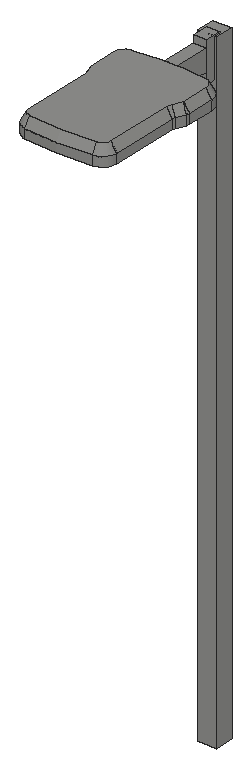
Revit family "VP-4-ASQU", category Lighting Fixtures, host Face, Revit 2019 (continued)
Definition of nested family "SIZE4_A_"
  Forms (in)
    Extrusion 49, solid, material <- "Glass"
      sketch origin (-5, 0, -5.875) x (-1, 0, 0) y (0, 0, -1)
        loop
          arc (-7.41655, -32.5909) -> (-7.34333, -32.76768) -> (-7.16655, -32.8409) r 0.25
      from 1.35 to 1.37213
    Extrusion 50, solid, material <- "Glass"
      sketch origin (0.375, 0, -11.375) x (1, 0, 0) y (0, 0, 1)
        loop
          circle (-7.47829, 32.33694) r 0.15
        loop
          circle (-6.95955, 32.33694) r 0.15
        loop
          circle (-6.4408, 32.33694) r 0.15
        loop
          circle (-5.92205, 32.33694) r 0.15
        loop
          circle (-5.4033, 32.33694) r 0.15
        loop
          circle (-4.88455, 32.33694) r 0.15
        loop
          circle (-4.3658, 32.33694) r 0.15
        loop
          circle (-3.84705, 32.33694) r 0.15
        loop
          circle (-3.32831, 32.33694) r 0.15
        loop
          circle (-7.47829, 31.83694) r 0.15
        loop
          circle (-6.95955, 31.83694) r 0.15
        loop
          circle (-6.4408, 31.83694) r 0.15
        loop
          circle (-5.92205, 31.83694) r 0.15
        loop
          circle (-5.4033, 31.83694) r 0.15
        loop
          circle (-4.88455, 31.83694) r 0.15
        loop
          circle (-4.3658, 31.83694) r 0.15
        loop
          circle (-3.84705, 31.83694) r 0.15
        loop
          circle (-3.32831, 31.83694) r 0.15
        loop
          circle (-7.47829, 31.33694) r 0.15
        loop
          circle (-6.95955, 31.33694) r 0.15
        loop
          circle (-6.4408, 31.33694) r 0.15
        loop
          circle (-5.92205, 31.33694) r 0.15
        loop
          circle (-5.4033, 31.33694) r 0.15
        loop
          circle (-4.88455, 31.33694) r 0.15
        loop
          circle (-4.3658, 31.33694) r 0.15
        loop
          circle (-3.84705, 31.33694) r 0.15
        loop
          circle (-3.32831, 31.33694) r 0.15
        loop
          circle (-7.47829, 30.83694) r 0.15
        loop
          circle (-6.95955, 30.83694) r 0.15
        loop
          circle (-6.4408, 30.83694) r 0.15
        loop
          circle (-5.92205, 30.83694) r 0.15
        loop
          circle (-5.4033, 30.83694) r 0.15
        loop
          circle (-4.88455, 30.83694) r 0.15
        loop
          circle (-4.3658, 30.83694) r 0.15
        loop
          circle (-3.84705, 30.83694) r 0.15
        loop
          circle (-3.32831, 30.83694) r 0.15
        loop
          circle (-7.47829, 30.33694) r 0.15
        loop
          circle (-6.95955, 30.33694) r 0.15
        loop
          circle (-6.4408, 30.33694) r 0.15
        loop
          circle (-5.92205, 30.33694) r 0.15
        loop
          circle (-5.4033, 30.33694) r 0.15
        loop
          circle (-4.88455, 30.33694) r 0.15
        loop
          circle (-4.3658, 30.33694) r 0.15
        loop
          circle (-3.84705, 30.33694) r 0.15
        loop
          circle (-3.32831, 30.33694) r 0.15
        loop
          circle (-7.47829, 29.83694) r 0.15
        loop
          circle (-6.95955, 29.83694) r 0.15
        loop
          circle (-6.4408, 29.83694) r 0.15
        loop
          circle (-5.92205, 29.83694) r 0.15
        loop
          circle (-5.4033, 29.83694) r 0.15
        loop
          circle (-4.88455, 29.83694) r 0.15
        loop
          circle (-4.3658, 29.83694) r 0.15
        loop
          circle (-3.84705, 29.83694) r 0.15
        loop
          circle (-3.32831, 29.83694) r 0.15
        loop
          circle (-7.47829, 29.33694) r 0.15
        loop
          circle (-6.95955, 29.33694) r 0.15
        loop
          circle (-6.4408, 29.33694) r 0.15
        loop
          circle (-5.92205, 29.33694) r 0.15
        loop
          circle (-5.4033, 29.33694) r 0.15
        loop
          circle (-4.88455, 29.33694) r 0.15
        loop
          circle (-4.3658, 29.33694) r 0.15
        loop
          circle (-3.84705, 29.33694) r 0.15
        loop
          circle (-3.32831, 29.33694) r 0.15
        loop
          circle (-7.47829, 28.83694) r 0.15
        loop
          circle (-6.95955, 28.83694) r 0.15
        loop
          circle (-6.4408, 28.83694) r 0.15
        loop
          circle (-5.92205, 28.83694) r 0.15
        loop
          circle (-5.4033, 28.83694) r 0.15
        loop
          circle (-4.88455, 28.83694) r 0.15
        loop
          circle (-4.3658, 28.83694) r 0.15
        loop
          circle (-3.84705, 28.83694) r 0.15
        loop
          circle (-3.32831, 28.83694) r 0.15
        loop
          circle (-7.47829, 28.33694) r 0.15
        loop
          circle (-6.95955, 28.33694) r 0.15
        loop
          circle (-6.4408, 28.33694) r 0.15
        loop
          circle (-5.92205, 28.33694) r 0.15
        loop
          circle (-5.4033, 28.33694) r 0.15
        loop
          circle (-4.88455, 28.33694) r 0.15
        loop
          circle (-4.3658, 28.33694) r 0.15
        loop
          circle (-3.84705, 28.33694) r 0.15
        loop
          circle (-3.32831, 28.33694) r 0.15
      from 1.35 to 1.4
    Extrusion 51, solid, material <- "Glass"
      sketch origin (0, 0, -11.375) x (1, 0, 0) y (0, 0, 1)
        loop
          arc (-7.16655, 32.8409) -> (-7.34333, 32.76768) -> (-7.41655, 32.5909) r 0.25
          line (-7.41655, 32.5909) -> (-7.41655, 28.0909)
          arc (-7.41655, 28.0909) -> (-7.34333, 27.91412) -> (-7.16655, 27.8409) r 0.25
          line (-7.16655, 27.8409) -> (-2.81123, 27.8409)
          arc (-2.81123, 27.8409) -> (-2.63446, 27.91412) -> (-2.56123, 28.0909) r 0.25
          line (-2.56123, 28.0909) -> (-2.56123, 32.5909)
          arc (-2.56123, 32.5909) -> (-2.63446, 32.76768) -> (-2.81123, 32.8409) r 0.25
          line (-2.81123, 32.8409) -> (-7.16655, 32.8409)
      from 1.35 to 1.37213
    Extrusion 52, solid, material <- "Glass"
      sketch origin (-0.375, 0, -11.375) x (-1, 0, 0) y (0, 0, -1)
        loop
          circle (-7.47829, -32.33694) r 0.15
        loop
          circle (-6.95955, -32.33694) r 0.15
        loop
          circle (-6.4408, -32.33694) r 0.15
        loop
          circle (-5.92205, -32.33694) r 0.15
        loop
          circle (-5.4033, -32.33694) r 0.15
        loop
          circle (-4.88455, -32.33694) r 0.15
        loop
          circle (-4.3658, -32.33694) r 0.15
        loop
          circle (-3.84705, -32.33694) r 0.15
        loop
          circle (-3.32831, -32.33694) r 0.15
        loop
          circle (-7.47829, -31.83694) r 0.15
        loop
          circle (-6.95955, -31.83694) r 0.15
        loop
          circle (-6.4408, -31.83694) r 0.15
        loop
          circle (-5.92205, -31.83694) r 0.15
        loop
          circle (-5.4033, -31.83694) r 0.15
        loop
          circle (-4.88455, -31.83694) r 0.15
        loop
          circle (-4.3658, -31.83694) r 0.15
        loop
          circle (-3.84705, -31.83694) r 0.15
        loop
          circle (-3.32831, -31.83694) r 0.15
        loop
          circle (-7.47829, -31.33694) r 0.15
        loop
          circle (-6.95955, -31.33694) r 0.15
        loop
          circle (-6.4408, -31.33694) r 0.15
        loop
          circle (-5.92205, -31.33694) r 0.15
        loop
          circle (-5.4033, -31.33694) r 0.15
        loop
          circle (-4.88455, -31.33694) r 0.15
        loop
          circle (-4.3658, -31.33694) r 0.15
        loop
          circle (-3.84705, -31.33694) r 0.15
        loop
          circle (-3.32831, -31.33694) r 0.15
        loop
          circle (-7.47829, -30.83694) r 0.15
        loop
          circle (-6.95955, -30.83694) r 0.15
        loop
          circle (-6.4408, -30.83694) r 0.15
        loop
          circle (-5.92205, -30.83694) r 0.15
        loop
          circle (-5.4033, -30.83694) r 0.15
        loop
          circle (-4.88455, -30.83694) r 0.15
        loop
          circle (-4.3658, -30.83694) r 0.15
        loop
          circle (-3.84705, -30.83694) r 0.15
        loop
          circle (-3.32831, -30.83694) r 0.15
        loop
          circle (-7.47829, -30.33694) r 0.15
        loop
          circle (-6.95955, -30.33694) r 0.15
        loop
          circle (-6.4408, -30.33694) r 0.15
        loop
          circle (-5.92205, -30.33694) r 0.15
        loop
          circle (-5.4033, -30.33694) r 0.15
        loop
          circle (-4.88455, -30.33694) r 0.15
        loop
          circle (-4.3658, -30.33694) r 0.15
        loop
          circle (-3.84705, -30.33694) r 0.15
        loop
          circle (-3.32831, -30.33694) r 0.15
        loop
          circle (-7.47829, -29.83694) r 0.15
        loop
          circle (-6.95955, -29.83694) r 0.15
        loop
          circle (-6.4408, -29.83694) r 0.15
        loop
          circle (-5.92205, -29.83694) r 0.15
        loop
          circle (-5.4033, -29.83694) r 0.15
        loop
          circle (-4.88455, -29.83694) r 0.15
        loop
          circle (-4.3658, -29.83694) r 0.15
        loop
          circle (-3.84705, -29.83694) r 0.15
        loop
          circle (-3.32831, -29.83694) r 0.15
        loop
          circle (-7.47829, -29.33694) r 0.15
        loop
          circle (-6.95955, -29.33694) r 0.15
        loop
          circle (-6.4408, -29.33694) r 0.15
        loop
          circle (-5.92205, -29.33694) r 0.15
        loop
          circle (-5.4033, -29.33694) r 0.15
        loop
          circle (-4.88455, -29.33694) r 0.15
        loop
          circle (-4.3658, -29.33694) r 0.15
        loop
          circle (-3.84705, -29.33694) r 0.15
        loop
          circle (-3.32831, -29.33694) r 0.15
        loop
          circle (-7.47829, -28.83694) r 0.15
        loop
          circle (-6.95955, -28.83694) r 0.15
        loop
          circle (-6.4408, -28.83694) r 0.15
        loop
          circle (-5.92205, -28.83694) r 0.15
        loop
          circle (-5.4033, -28.83694) r 0.15
        loop
          circle (-4.88455, -28.83694) r 0.15
        loop
          circle (-4.3658, -28.83694) r 0.15
        loop
          circle (-3.84705, -28.83694) r 0.15
        loop
          circle (-3.32831, -28.83694) r 0.15
        loop
          circle (-7.47829, -28.33694) r 0.15
        loop
          circle (-6.95955, -28.33694) r 0.15
        loop
          circle (-6.4408, -28.33694) r 0.15
        loop
          circle (-5.92205, -28.33694) r 0.15
        loop
          circle (-5.4033, -28.33694) r 0.15
        loop
          circle (-4.88455, -28.33694) r 0.15
        loop
          circle (-4.3658, -28.33694) r 0.15
        loop
          circle (-3.84705, -28.33694) r 0.15
        loop
          circle (-3.32831, -28.33694) r 0.15
      from 1.35 to 1.4
    Extrusion 53, solid, material <- "Glass"
      sketch origin (0, 0, -11.375) x (-1, 0, 0) y (0, 0, -1)
        loop
          line (-7.16655, -32.8409) -> (-2.84181, -32.8409)
          arc (-2.84181, -32.8409) -> (-2.66504, -32.76768) -> (-2.59181, -32.5909) r 0.25
          line (-2.59181, -32.5909) -> (-2.59181, -28.0909)
          arc (-2.59181, -28.0909) -> (-2.66504, -27.91412) -> (-2.84181, -27.8409) r 0.25
          line (-2.84181, -27.8409) -> (-7.16655, -27.8409)
          arc (-7.16655, -27.8409) -> (-7.34333, -27.91412) -> (-7.41655, -28.0909) r 0.25
          line (-7.41655, -28.0909) -> (-7.41655, -32.5909)
          arc (-7.41655, -32.5909) -> (-7.34333, -32.76768) -> (-7.16655, -32.8409) r 0.25
      from 1.35 to 1.37213
    Extrusion 54, solid, material <- "Glass"
      sketch origin (-5.375, 0, -11.375) x (-1, 0, 0) y (0, 0, -1)
        loop
          circle (-7.47829, -32.33694) r 0.15
        loop
          circle (-6.95955, -32.33694) r 0.15
        loop
          circle (-6.4408, -32.33694) r 0.15
        loop
          circle (-5.92205, -32.33694) r 0.15
        loop
          circle (-5.4033, -32.33694) r 0.15
        loop
          circle (-4.88455, -32.33694) r 0.15
        loop
          circle (-4.3658, -32.33694) r 0.15
        loop
          circle (-3.84705, -32.33694) r 0.15
        loop
          circle (-3.32831, -32.33694) r 0.15
        loop
          circle (-7.47829, -31.83694) r 0.15
        loop
          circle (-6.95955, -31.83694) r 0.15
        loop
          circle (-6.4408, -31.83694) r 0.15
        loop
          circle (-5.92205, -31.83694) r 0.15
        loop
          circle (-5.4033, -31.83694) r 0.15
        loop
          circle (-4.88455, -31.83694) r 0.15
        loop
          circle (-4.3658, -31.83694) r 0.15
        loop
          circle (-3.84705, -31.83694) r 0.15
        loop
          circle (-3.32831, -31.83694) r 0.15
        loop
          circle (-7.47829, -31.33694) r 0.15
        loop
          circle (-6.95955, -31.33694) r 0.15
        loop
          circle (-6.4408, -31.33694) r 0.15
        loop
          circle (-5.92205, -31.33694) r 0.15
        loop
          circle (-5.4033, -31.33694) r 0.15
        loop
          circle (-4.88455, -31.33694) r 0.15
        loop
          circle (-4.3658, -31.33694) r 0.15
        loop
          circle (-3.84705, -31.33694) r 0.15
        loop
          circle (-3.32831, -31.33694) r 0.15
        loop
          circle (-7.47829, -30.83694) r 0.15
        loop
          circle (-6.95955, -30.83694) r 0.15
        loop
          circle (-6.4408, -30.83694) r 0.15
        loop
          circle (-5.92205, -30.83694) r 0.15
        loop
          circle (-5.4033, -30.83694) r 0.15
        loop
          circle (-4.88455, -30.83694) r 0.15
        loop
          circle (-4.3658, -30.83694) r 0.15
        loop
          circle (-3.84705, -30.83694) r 0.15
        loop
          circle (-3.32831, -30.83694) r 0.15
        loop
          circle (-7.47829, -30.33694) r 0.15
        loop
          circle (-6.95955, -30.33694) r 0.15
        loop
          circle (-6.4408, -30.33694) r 0.15
        loop
          circle (-5.92205, -30.33694) r 0.15
        loop
          circle (-5.4033, -30.33694) r 0.15
        loop
          circle (-4.88455, -30.33694) r 0.15
        loop
          circle (-4.3658, -30.33694) r 0.15
        loop
          circle (-3.84705, -30.33694) r 0.15
        loop
          circle (-3.32831, -30.33694) r 0.15
        loop
          circle (-7.47829, -29.83694) r 0.15
        loop
          circle (-6.95955, -29.83694) r 0.15
        loop
          circle (-6.4408, -29.83694) r 0.15
        loop
          circle (-5.92205, -29.83694) r 0.15
        loop
          circle (-5.4033, -29.83694) r 0.15
        loop
          circle (-4.88455, -29.83694) r 0.15
        loop
          circle (-4.3658, -29.83694) r 0.15
        loop
          circle (-3.84705, -29.83694) r 0.15
        loop
          circle (-3.32831, -29.83694) r 0.15
        loop
          circle (-7.47829, -29.33694) r 0.15
        loop
          circle (-6.95955, -29.33694) r 0.15
        loop
          circle (-6.4408, -29.33694) r 0.15
        loop
          circle (-5.92205, -29.33694) r 0.15
        loop
          circle (-5.4033, -29.33694) r 0.15
        loop
          circle (-4.88455, -29.33694) r 0.15
        loop
          circle (-4.3658, -29.33694) r 0.15
        loop
          circle (-3.84705, -29.33694) r 0.15
        loop
          circle (-3.32831, -29.33694) r 0.15
        loop
          circle (-7.47829, -28.83694) r 0.15
        loop
          circle (-6.95955, -28.83694) r 0.15
        loop
          circle (-6.4408, -28.83694) r 0.15
        loop
          circle (-5.92205, -28.83694) r 0.15
        loop
          circle (-5.4033, -28.83694) r 0.15
        loop
          circle (-4.88455, -28.83694) r 0.15
        loop
          circle (-4.3658, -28.83694) r 0.15
        loop
          circle (-3.84705, -28.83694) r 0.15
        loop
          circle (-3.32831, -28.83694) r 0.15
        loop
          circle (-7.47829, -28.33694) r 0.15
        loop
          circle (-6.95955, -28.33694) r 0.15
        loop
          circle (-6.4408, -28.33694) r 0.15
        loop
          circle (-5.92205, -28.33694) r 0.15
        loop
          circle (-5.4033, -28.33694) r 0.15
        loop
          circle (-4.88455, -28.33694) r 0.15
        loop
          circle (-4.3658, -28.33694) r 0.15
        loop
          circle (-3.84705, -28.33694) r 0.15
        loop
          circle (-3.32831, -28.33694) r 0.15
      from 1.35 to 1.4
    Extrusion 55, solid, material <- "Glass"
      sketch origin (-5, 0, -11.375) x (-1, 0, 0) y (0, 0, -1)
        loop
          line (-7.16655, -32.8409) -> (-2.84181, -32.8409)
          arc (-2.84181, -32.8409) -> (-2.66504, -32.76768) -> (-2.59181, -32.5909) r 0.25
          line (-2.59181, -32.5909) -> (-2.59181, -28.0909)
          arc (-2.59181, -28.0909) -> (-2.66504, -27.91412) -> (-2.84181, -27.8409) r 0.25
          line (-2.84181, -27.8409) -> (-7.16655, -27.8409)
          arc (-7.16655, -27.8409) -> (-7.34333, -27.91412) -> (-7.41655, -28.0909) r 0.25
          line (-7.41655, -28.0909) -> (-7.41655, -32.5909)
          arc (-7.41655, -32.5909) -> (-7.34333, -32.76768) -> (-7.16655, -32.8409) r 0.25
      from 1.35 to 1.37213
    Extrusion 56, solid, material <- "Fixture"
      sketch origin (0.125, 0, 2.5) x (1, 0, 0) y (0, 0, 1)
        loop
          arc (8.61601, 29.87811) -> (7.91353, 31.61742) -> (6.20018, 32.38102) r 2.50448
          arc (6.20018, 32.38102) -> (-0.18326, 32.81078) -> (-6.56625, 32.37421) r 47.24839
          arc (-6.56625, 32.37421) -> (-8.20342, 31.57512) -> (-8.86601, 29.87811) r 2.50448
          line (-8.86601, 29.87811) -> (-8.86601, 16.83541)
          arc (-8.86601, 16.83541) -> (-8.89448, 16.52871) -> (-8.97892, 16.2325) r 1.66606
          line (-8.97892, 16.2325) -> (-9.6766, 14.43524)
          arc (-9.6766, 14.43524) -> (-9.74427, 14.21755) -> (-9.78142, 13.99263) r 1.65645
          line (-9.78142, 13.99263) -> (-9.78142, 8.65741)
          arc (-9.78142, 8.65741) -> (-8.97209, 6.60779) -> (-6.98078, 5.66404) r 3
          arc (-6.98078, 5.66404) -> (0.01001, 4.99965) -> (7.00057, 5.66642) r 37.04471
          arc (7.00057, 5.66642) -> (8.81758, 6.67941) -> (9.53886, 8.63067) r 3
          line (9.53886, 8.63067) -> (9.53886, 13.83581)
          arc (9.53886, 13.83581) -> (9.51055, 14.14073) -> (9.4266, 14.43524) r 1.65645
          line (9.4266, 14.43524) -> (8.72892, 16.2325)
          arc (8.72892, 16.2325) -> (8.64448, 16.52871) -> (8.61601, 16.83541) r 1.66606
          line (8.61601, 16.83541) -> (8.61601, 29.87811)
      from 0 to 1.74
    Blend 57, solid, material <- "Fixture"
      base sketch origin (0, 0, 0) x (1, 0, 0) y (0, 0, 1)
        loop
          arc (-9.5516, 16.93524) -> (-9.61927, 16.71755) -> (-9.65642, 16.49263) r 1.65645
          line (-9.65642, 16.49263) -> (-9.65642, 11.15741)
          arc (-9.65642, 11.15741) -> (-8.84709, 9.10779) -> (-6.85578, 8.16404) r 3
          arc (-6.85578, 8.16404) -> (0.13501, 7.49965) -> (7.12557, 8.16642) r 37.04471
          arc (7.12557, 8.16642) -> (8.94258, 9.17941) -> (9.66386, 11.13067) r 3
          line (9.66386, 11.13067) -> (9.66386, 16.33581)
          arc (9.66386, 16.33581) -> (9.63555, 16.64073) -> (9.5516, 16.93524) r 1.65645
          line (9.5516, 16.93524) -> (8.85392, 18.7325)
          arc (8.85392, 18.7325) -> (8.76948, 19.02871) -> (8.74101, 19.33541) r 1.66606
          line (8.74101, 19.33541) -> (8.74101, 32.37811)
          arc (8.74101, 32.37811) -> (8.03853, 34.11742) -> (6.32518, 34.88102) r 2.50448
          arc (6.32518, 34.88102) -> (-0.05826, 35.31078) -> (-6.44125, 34.87421) r 47.24839
          arc (-6.44125, 34.87421) -> (-8.07842, 34.07512) -> (-8.74101, 32.37811) r 2.50448
          line (-8.74101, 32.37811) -> (-8.74101, 19.33541)
          arc (-8.74101, 19.33541) -> (-8.76948, 19.02871) -> (-8.85392, 18.7325) r 1.66606
          line (-8.85392, 18.7325) -> (-9.5516, 16.93524)
      top sketch origin (0, 0, 0) x (1, 0, 0) y (0, 0, 1)
        loop
          line (-8.65642, 16.43436) -> (-8.65642, 11.15741)
          arc (-8.65642, 11.15741) -> (-8.09764, 9.77073) -> (-6.73353, 9.1589) r 2
          arc (-6.73353, 9.1589) -> (0.1108, 8.49965) -> (6.95577, 9.15209) r 36.04471
          arc (6.95577, 9.15209) -> (8.17777, 9.82373) -> (8.66386, 11.13067) r 2
          line (8.66386, 11.13067) -> (8.66386, 16.33581)
          arc (8.66386, 16.33581) -> (8.65264, 16.45665) -> (8.61937, 16.57336) r 0.65645
          line (8.61937, 16.57336) -> (7.9217, 18.37062)
          arc (7.9217, 18.37062) -> (7.78657, 18.84463) -> (7.74101, 19.33541) r 2.66606
          line (7.74101, 19.33541) -> (7.74101, 32.37811)
          arc (7.74101, 32.37811) -> (7.3037, 33.43858) -> (6.246, 33.88256) r 1.50448
          arc (6.246, 33.88256) -> (-0.04498, 34.31079) -> (-6.33575, 33.87932) r 46.24839
          arc (-6.33575, 33.87932) -> (-7.33487, 33.40626) -> (-7.74101, 32.37811) r 1.50448
          line (-7.74101, 32.37811) -> (-7.74101, 19.33541)
          arc (-7.74101, 19.33541) -> (-7.78657, 18.84463) -> (-7.9217, 18.37062) r 2.66606
          line (-7.9217, 18.37062) -> (-8.61937, 16.57336)
          arc (-8.61937, 16.57336) -> (-8.64172, 16.50488) -> (-8.65642, 16.43436) r 0.65645
      from 0 to -1.74
    Extrusion 58, solid, material <- "Fixture"
      sketch origin (0, 0, 0) x (1, 0, 0) y (0, 1, 0)
        loop
          line (-1.5, 3.03981) -> (-1.5, -4.56012) -> (1.5, -4.56012) -> (1.5, 3.03981) -> (-1.5, 3.03981)
      from -1.406 to 1.75
  Cuts and joins
    Extrusion 3, Extrusion 41 cuts Extrusion 2
    Extrusion 3, Extrusion 41 cuts Extrusion 56
  Dimensions and locks (in)
    equal spacing: plane 4, plane 3 "Center (Left/Right)", plane 5
    "Width": plane 4 to plane 5
    "Length": plane 7 to plane 6
    "Mount Length": plane 6 to plane 2
    "Mounting Base Width": plane 11 to plane 10
    equal spacing: plane 11, plane 3 "Center (Left/Right)", plane 10
    aligned and locked: plane 2 to Extrusion 1
    aligned and locked: level to Extrusion 1
    aligned and locked: plane 10 to Extrusion 58 sketch curve
    aligned and locked: Extrusion 58 sketch curve to plane 11
    aligned and locked: Extrusion 58 to cut or joined group of Extrusion 2, Extrusion 3, Extrusion 41
  Automatic sketch dimensions
    Extrusion 1 sketch curve to Extrusion 1 sketch curve = 96.00"  (x2)
    Extrusion 2 sketch curve to plane 9 = 0.00"
    Extrusion 2 sketch curve to plane 8 = 0.1611"
    plane 8 to Extrusion 2 sketch curve = 1.12955"
    Extrusion 2 sketch curve to level = 1.406"
    plane 6 to Extrusion 2 sketch curve = 1.01105"
    plane 5 to Extrusion 3 sketch curve = 1.40392"
    plane 3 "Center (Left/Right)" to Extrusion 3 sketch curve = 0.06506"
    Extrusion 3 sketch curve to plane 4 = 1.25"
    Extrusion 3 sketch curve to level = 39.4018"
    plane 6 to Extrusion 3 sketch curve = 7.65635"
    Extrusion 3 sketch curve to plane 7 = 2.31818"
    plane 5 to Extrusion 4 sketch curve = 2.15013"
    Extrusion 4 sketch curve to Extrusion 4 sketch curve = 0.35"  (x3)
    Extrusion 4 sketch curve to plane 4 = 2.50013"  (x2)
    Extrusion 4 sketch curve to plane 7 = 8.31818"
    Extrusion 4 sketch curve to plane 7 = 3.16818"
    plane 5 to Extrusion 5 sketch curve = 2.70671"
    Extrusion 5 sketch curve to Extrusion 5 sketch curve = 0.00"  (x61)
    Extrusion 5 sketch curve to Extrusion 5 sketch curve = 0.51875"  (x27)
    Extrusion 5 sketch curve to plane 7 = 7.51806"
    Extrusion 5 sketch curve to Extrusion 5 sketch curve = 0.50"  (x72)
    plane 5 to Extrusion 6 sketch curve = 2.39345"
    Extrusion 6 sketch curve to Extrusion 6 sketch curve = 0.25"  (x3)
    Extrusion 6 sketch curve to plane 3 "Center (Left/Right)" = 2.81123"  (x2)
    Extrusion 6 sketch curve to plane 7 = 8.0141"
    Extrusion 6 sketch curve to plane 7 = 3.2641"
    Extrusion 7 sketch curve to plane 4 = 2.12307"
    Extrusion 7 sketch curve to plane 8 = 0.46661"
    Extrusion 7 sketch curve to Extrusion 7 sketch curve = 0.02618"
    Extrusion 7 sketch curve to Extrusion 7 sketch curve = 0.1119"
    Extrusion 7 sketch curve to plane 8 = 0.03691"
    Extrusion 7 sketch curve to Extrusion 7 sketch curve = 0.36056"
    Extrusion 7 sketch curve to plane 8 = 0.00781"
    Extrusion 7 sketch curve to Extrusion 7 sketch curve = 0.06241"
    Extrusion 7 sketch curve to Extrusion 7 sketch curve = 0.42393"
    Extrusion 7 sketch curve to Extrusion 7 sketch curve = 0.73219"
    plane 4 to Extrusion 8 sketch curve = 2.70671"
    Extrusion 8 sketch curve to Extrusion 8 sketch curve = 0.00"  (x61)
    Extrusion 8 sketch curve to Extrusion 8 sketch curve = 0.51875"  (x27)
    plane 7 to Extrusion 8 sketch curve = 7.51806"
    Extrusion 8 sketch curve to Extrusion 8 sketch curve = 0.50"  (x72)
    plane 4 to Extrusion 9 sketch curve = 2.39345"
    Extrusion 9 sketch curve to Extrusion 9 sketch curve = 0.25"  (x3)
    Extrusion 9 sketch curve to plane 3 "Center (Left/Right)" = 2.84181"  (x2)
    plane 7 to Extrusion 9 sketch curve = 8.0141"
    plane 7 to Extrusion 9 sketch curve = 3.2641"
    plane 5 to Extrusion 10 sketch curve = 2.15013"
    Extrusion 10 sketch curve to Extrusion 10 sketch curve = 0.35"  (x3)
    Extrusion 10 sketch curve to plane 4 = 2.50013"  (x2)
    Extrusion 10 sketch curve to plane 7 = 13.81818"
    Extrusion 10 sketch curve to Extrusion 10 sketch curve = 4.80"
    Extrusion 11 sketch curve to plane 5 = 2.15013"
    Extrusion 11 sketch curve to Extrusion 11 sketch curve = 0.35"  (x3)
    plane 4 to Extrusion 11 sketch curve = 2.50013"  (x2)
    plane 7 to Extrusion 11 sketch curve = 13.81818"
    Extrusion 11 sketch curve to Extrusion 11 sketch curve = 4.80"
    Extrusion 12 sketch curve to plane 4 = 2.12307"
    Extrusion 12 sketch curve to plane 8 = 0.46661"
    Extrusion 12 sketch curve to Extrusion 12 sketch curve = 0.02618"
    Extrusion 12 sketch curve to Extrusion 12 sketch curve = 0.1119"
    Extrusion 12 sketch curve to plane 8 = 0.03691"
    Extrusion 12 sketch curve to Extrusion 12 sketch curve = 0.36056"
    Extrusion 12 sketch curve to plane 8 = 0.00781"
    Extrusion 12 sketch curve to Extrusion 12 sketch curve = 0.06241"
    Extrusion 12 sketch curve to Extrusion 12 sketch curve = 0.42393"
    Extrusion 12 sketch curve to Extrusion 12 sketch curve = 0.73219"
    Extrusion 13 sketch curve to plane 4 = 2.12307"
    Extrusion 13 sketch curve to plane 8 = 0.46661"
    Extrusion 13 sketch curve to Extrusion 13 sketch curve = 0.02618"
    Extrusion 13 sketch curve to Extrusion 13 sketch curve = 0.1119"
    Extrusion 13 sketch curve to plane 8 = 0.03691"
    Extrusion 13 sketch curve to Extrusion 13 sketch curve = 0.36056"
    Extrusion 13 sketch curve to plane 8 = 0.00781"
    Extrusion 13 sketch curve to Extrusion 13 sketch curve = 0.06241"
    Extrusion 13 sketch curve to Extrusion 13 sketch curve = 0.42393"
    Extrusion 13 sketch curve to Extrusion 13 sketch curve = 0.73219"
    Extrusion 14 sketch curve to plane 4 = 2.12307"
    Extrusion 14 sketch curve to plane 8 = 0.46661"
    Extrusion 14 sketch curve to Extrusion 14 sketch curve = 0.02618"
    Extrusion 14 sketch curve to Extrusion 14 sketch curve = 0.08572"
    Extrusion 14 sketch curve to plane 8 = 0.03691"
    Extrusion 14 sketch curve to Extrusion 14 sketch curve = 0.36056"
    Extrusion 14 sketch curve to plane 8 = 0.00781"
    Extrusion 14 sketch curve to Extrusion 14 sketch curve = 0.06241"
    Extrusion 14 sketch curve to Extrusion 14 sketch curve = 0.42393"
    Extrusion 14 sketch curve to Extrusion 14 sketch curve = 0.73219"
    Extrusion 15 sketch curve to plane 4 = 2.12307"
    Extrusion 15 sketch curve to plane 8 = 0.46661"
    Extrusion 15 sketch curve to Extrusion 15 sketch curve = 0.02618"
    Extrusion 15 sketch curve to Extrusion 15 sketch curve = 0.1119"
    Extrusion 15 sketch curve to plane 8 = 0.03691"
    Extrusion 15 sketch curve to Extrusion 15 sketch curve = 0.36056"
    Extrusion 15 sketch curve to plane 8 = 0.00781"
    Extrusion 15 sketch curve to Extrusion 15 sketch curve = 0.06241"
    Extrusion 15 sketch curve to Extrusion 15 sketch curve = 0.42393"
    Extrusion 15 sketch curve to Extrusion 15 sketch curve = 0.73219"
    Extrusion 16 sketch curve to plane 4 = 2.12307"
    Extrusion 16 sketch curve to plane 8 = 0.46661"
    Extrusion 16 sketch curve to Extrusion 16 sketch curve = 0.02618"
    Extrusion 16 sketch curve to Extrusion 16 sketch curve = 0.1119"
    Extrusion 16 sketch curve to plane 8 = 0.03691"
    Extrusion 16 sketch curve to Extrusion 16 sketch curve = 0.36056"
    Extrusion 16 sketch curve to plane 8 = 0.00781"
    Extrusion 16 sketch curve to Extrusion 16 sketch curve = 0.06241"
    Extrusion 16 sketch curve to Extrusion 16 sketch curve = 0.42393"
    Extrusion 16 sketch curve to Extrusion 16 sketch curve = 0.73219"
    Extrusion 17 sketch curve to plane 4 = 2.12307"
    Extrusion 17 sketch curve to plane 8 = 0.46661"
    Extrusion 17 sketch curve to Extrusion 17 sketch curve = 0.02618"
    Extrusion 17 sketch curve to Extrusion 17 sketch curve = 0.1119"
    Extrusion 17 sketch curve to plane 8 = 0.03691"
    Extrusion 17 sketch curve to Extrusion 17 sketch curve = 0.36056"
    Extrusion 17 sketch curve to plane 8 = 0.00781"
    Extrusion 17 sketch curve to Extrusion 17 sketch curve = 0.06241"
    Extrusion 17 sketch curve to Extrusion 17 sketch curve = 0.42393"
    Extrusion 17 sketch curve to Extrusion 17 sketch curve = 0.73219"
    Extrusion 18 sketch curve to plane 4 = 2.12307"
    Extrusion 18 sketch curve to plane 8 = 0.46661"
    Extrusion 18 sketch curve to Extrusion 18 sketch curve = 0.02618"
    Extrusion 18 sketch curve to Extrusion 18 sketch curve = 0.1119"
    Extrusion 18 sketch curve to plane 8 = 0.03691"
    Extrusion 18 sketch curve to Extrusion 18 sketch curve = 0.36056"
    Extrusion 18 sketch curve to plane 8 = 0.00781"
    Extrusion 18 sketch curve to Extrusion 18 sketch curve = 0.06241"
    Extrusion 18 sketch curve to Extrusion 18 sketch curve = 0.42393"
    Extrusion 18 sketch curve to Extrusion 18 sketch curve = 0.73219"
    Extrusion 19 sketch curve to plane 4 = 2.12307"
    Extrusion 19 sketch curve to plane 8 = 0.46661"
    Extrusion 19 sketch curve to Extrusion 19 sketch curve = 0.02618"
    Extrusion 19 sketch curve to Extrusion 19 sketch curve = 0.1119"
    Extrusion 19 sketch curve to plane 8 = 0.03691"
    Extrusion 19 sketch curve to Extrusion 19 sketch curve = 0.36056"
    Extrusion 19 sketch curve to plane 8 = 0.00781"
    Extrusion 19 sketch curve to Extrusion 19 sketch curve = 0.06241"
    Extrusion 19 sketch curve to Extrusion 19 sketch curve = 0.42393"
    Extrusion 19 sketch curve to Extrusion 19 sketch curve = 0.73219"
    Extrusion 20 sketch curve to plane 4 = 2.12307"
    Extrusion 20 sketch curve to plane 8 = 0.46661"
    Extrusion 20 sketch curve to Extrusion 20 sketch curve = 0.02618"
    Extrusion 20 sketch curve to Extrusion 20 sketch curve = 0.1119"
    Extrusion 20 sketch curve to plane 8 = 0.03691"
    Extrusion 20 sketch curve to Extrusion 20 sketch curve = 0.36056"
    Extrusion 20 sketch curve to plane 8 = 0.00781"
    Extrusion 20 sketch curve to Extrusion 20 sketch curve = 0.06241"
    Extrusion 20 sketch curve to Extrusion 20 sketch curve = 0.42393"
    Extrusion 20 sketch curve to Extrusion 20 sketch curve = 0.73219"
    Extrusion 21 sketch curve to plane 4 = 2.12307"
    Extrusion 21 sketch curve to plane 8 = 0.46661"
    Extrusion 21 sketch curve to Extrusion 21 sketch curve = 0.02618"
    Extrusion 21 sketch curve to Extrusion 21 sketch curve = 0.1119"
    Extrusion 21 sketch curve to plane 8 = 0.03691"
    Extrusion 21 sketch curve to Extrusion 21 sketch curve = 0.36056"
    Extrusion 21 sketch curve to plane 8 = 0.00781"
    Extrusion 21 sketch curve to Extrusion 21 sketch curve = 0.06241"
    Extrusion 21 sketch curve to Extrusion 21 sketch curve = 0.42393"
    Extrusion 21 sketch curve to Extrusion 21 sketch curve = 0.73219"
    Extrusion 22 sketch curve to plane 4 = 2.12307"
    Extrusion 22 sketch curve to plane 8 = 0.46661"
    Extrusion 22 sketch curve to Extrusion 22 sketch curve = 0.02618"
    Extrusion 22 sketch curve to Extrusion 22 sketch curve = 0.08572"
    Extrusion 22 sketch curve to plane 8 = 0.03691"
    Extrusion 22 sketch curve to Extrusion 22 sketch curve = 0.36056"
    Extrusion 22 sketch curve to plane 8 = 0.00781"
    Extrusion 22 sketch curve to Extrusion 22 sketch curve = 0.06241"
    Extrusion 22 sketch curve to Extrusion 22 sketch curve = 0.42393"
    Extrusion 22 sketch curve to Extrusion 22 sketch curve = 0.73219"
    Extrusion 23 sketch curve to plane 4 = 2.12307"
    Extrusion 23 sketch curve to plane 8 = 0.46661"
    Extrusion 23 sketch curve to Extrusion 23 sketch curve = 0.02618"
    Extrusion 23 sketch curve to Extrusion 23 sketch curve = 0.1119"
    Extrusion 23 sketch curve to plane 8 = 0.03691"
    Extrusion 23 sketch curve to Extrusion 23 sketch curve = 0.36056"
    Extrusion 23 sketch curve to plane 8 = 0.00781"
    Extrusion 23 sketch curve to Extrusion 23 sketch curve = 0.06241"
    Extrusion 23 sketch curve to Extrusion 23 sketch curve = 0.42393"
    Extrusion 23 sketch curve to Extrusion 23 sketch curve = 0.73219"
    Extrusion 24 sketch curve to plane 4 = 2.12307"
    Extrusion 24 sketch curve to plane 8 = 0.46661"
    Extrusion 24 sketch curve to Extrusion 24 sketch curve = 0.02618"
    Extrusion 24 sketch curve to Extrusion 24 sketch curve = 0.08572"
    Extrusion 24 sketch curve to plane 8 = 0.03691"
    Extrusion 24 sketch curve to Extrusion 24 sketch curve = 0.36056"
    Extrusion 24 sketch curve to plane 8 = 0.00781"
    Extrusion 24 sketch curve to Extrusion 24 sketch curve = 0.06241"
    Extrusion 24 sketch curve to Extrusion 24 sketch curve = 0.42393"
    Extrusion 24 sketch curve to Extrusion 24 sketch curve = 0.73219"
    Extrusion 25 sketch curve to plane 4 = 2.12307"
    Extrusion 25 sketch curve to plane 8 = 0.46661"
    Extrusion 25 sketch curve to Extrusion 25 sketch curve = 0.02618"
    Extrusion 25 sketch curve to Extrusion 25 sketch curve = 0.1119"
    Extrusion 25 sketch curve to plane 8 = 0.03691"
    Extrusion 25 sketch curve to Extrusion 25 sketch curve = 0.36056"
    Extrusion 25 sketch curve to plane 8 = 0.00781"
    Extrusion 25 sketch curve to Extrusion 25 sketch curve = 0.06241"
    Extrusion 25 sketch curve to Extrusion 25 sketch curve = 0.42393"
    Extrusion 25 sketch curve to Extrusion 25 sketch curve = 0.73219"
    plane 5 to Extrusion 26 sketch curve = 2.2012"
    Extrusion 26 sketch curve to plane 8 = 0.46661"
    Extrusion 26 sketch curve to Extrusion 26 sketch curve = 0.02618"
    Extrusion 26 sketch curve to Extrusion 26 sketch curve = 0.1119"
    Extrusion 26 sketch curve to plane 8 = 0.03691"
    Extrusion 26 sketch curve to Extrusion 26 sketch curve = 0.36056"
    Extrusion 26 sketch curve to plane 8 = 0.00781"
    Extrusion 26 sketch curve to Extrusion 26 sketch curve = 0.06241"
    Extrusion 26 sketch curve to Extrusion 26 sketch curve = 0.42393"
    Extrusion 26 sketch curve to Extrusion 26 sketch curve = 0.20146"
    plane 5 to Extrusion 27 sketch curve = 2.2012"
    Extrusion 27 sketch curve to plane 8 = 0.46661"
    Extrusion 27 sketch curve to Extrusion 27 sketch curve = 0.02618"
    Extrusion 27 sketch curve to Extrusion 27 sketch curve = 0.08572"
    Extrusion 27 sketch curve to plane 8 = 0.03691"
    Extrusion 27 sketch curve to Extrusion 27 sketch curve = 0.36056"
    Extrusion 27 sketch curve to plane 8 = 0.00781"
    Extrusion 27 sketch curve to Extrusion 27 sketch curve = 0.06241"
    Extrusion 27 sketch curve to Extrusion 27 sketch curve = 0.42393"
    Extrusion 27 sketch curve to Extrusion 27 sketch curve = 0.20146"
    plane 5 to Extrusion 28 sketch curve = 2.2012"
    Extrusion 28 sketch curve to plane 8 = 0.46661"
    Extrusion 28 sketch curve to Extrusion 28 sketch curve = 0.02618"
    Extrusion 28 sketch curve to Extrusion 28 sketch curve = 0.08572"
    Extrusion 28 sketch curve to plane 8 = 0.03691"
    Extrusion 28 sketch curve to Extrusion 28 sketch curve = 0.36056"
    Extrusion 28 sketch curve to plane 8 = 0.00781"
    Extrusion 28 sketch curve to Extrusion 28 sketch curve = 0.06241"
    Extrusion 28 sketch curve to Extrusion 28 sketch curve = 0.42393"
    Extrusion 28 sketch curve to Extrusion 28 sketch curve = 0.20146"
    plane 5 to Extrusion 29 sketch curve = 2.2012"
    Extrusion 29 sketch curve to plane 8 = 0.46661"
    Extrusion 29 sketch curve to Extrusion 29 sketch curve = 0.02618"
    Extrusion 29 sketch curve to Extrusion 29 sketch curve = 0.1119"
    Extrusion 29 sketch curve to plane 8 = 0.03691"
    Extrusion 29 sketch curve to Extrusion 29 sketch curve = 0.36056"
    Extrusion 29 sketch curve to plane 8 = 0.00781"
    Extrusion 29 sketch curve to Extrusion 29 sketch curve = 0.06241"
    Extrusion 29 sketch curve to Extrusion 29 sketch curve = 0.42393"
    Extrusion 29 sketch curve to Extrusion 29 sketch curve = 0.20146"
    plane 5 to Extrusion 30 sketch curve = 2.2012"
    Extrusion 30 sketch curve to plane 8 = 0.46661"
    Extrusion 30 sketch curve to Extrusion 30 sketch curve = 0.02618"
    Extrusion 30 sketch curve to Extrusion 30 sketch curve = 0.1119"
    Extrusion 30 sketch curve to plane 8 = 0.03691"
    Extrusion 30 sketch curve to Extrusion 30 sketch curve = 0.36056"
    Extrusion 30 sketch curve to plane 8 = 0.00781"
    Extrusion 30 sketch curve to Extrusion 30 sketch curve = 0.06241"
    Extrusion 30 sketch curve to Extrusion 30 sketch curve = 0.42393"
    Extrusion 30 sketch curve to Extrusion 30 sketch curve = 0.20146"
    plane 5 to Extrusion 31 sketch curve = 2.2012"
    Extrusion 31 sketch curve to plane 8 = 0.46661"
    Extrusion 31 sketch curve to Extrusion 31 sketch curve = 0.02618"
    Extrusion 31 sketch curve to Extrusion 31 sketch curve = 0.1119"
    Extrusion 31 sketch curve to plane 8 = 0.03691"
    Extrusion 31 sketch curve to Extrusion 31 sketch curve = 0.36056"
    Extrusion 31 sketch curve to plane 8 = 0.00781"
    Extrusion 31 sketch curve to Extrusion 31 sketch curve = 0.06241"
    Extrusion 31 sketch curve to Extrusion 31 sketch curve = 0.42393"
    Extrusion 31 sketch curve to Extrusion 31 sketch curve = 0.20146"
    plane 5 to Extrusion 32 sketch curve = 2.2012"
    Extrusion 32 sketch curve to plane 8 = 0.46661"
    Extrusion 32 sketch curve to Extrusion 32 sketch curve = 0.02618"
    Extrusion 32 sketch curve to Extrusion 32 sketch curve = 0.1119"
    Extrusion 32 sketch curve to plane 8 = 0.03691"
    Extrusion 32 sketch curve to Extrusion 32 sketch curve = 0.36056"
    Extrusion 32 sketch curve to plane 8 = 0.00781"
    Extrusion 32 sketch curve to Extrusion 32 sketch curve = 0.06241"
    Extrusion 32 sketch curve to Extrusion 32 sketch curve = 0.42393"
    Extrusion 32 sketch curve to Extrusion 32 sketch curve = 0.20146"
    plane 5 to Extrusion 33 sketch curve = 2.2012"
    Extrusion 33 sketch curve to plane 8 = 0.46661"
    Extrusion 33 sketch curve to Extrusion 33 sketch curve = 0.02618"
    Extrusion 33 sketch curve to Extrusion 33 sketch curve = 0.08572"
    Extrusion 33 sketch curve to plane 8 = 0.03691"
    Extrusion 33 sketch curve to Extrusion 33 sketch curve = 0.36056"
    Extrusion 33 sketch curve to plane 8 = 0.00781"
    Extrusion 33 sketch curve to Extrusion 33 sketch curve = 0.06241"
    Extrusion 33 sketch curve to Extrusion 33 sketch curve = 0.42393"
    Extrusion 33 sketch curve to Extrusion 33 sketch curve = 0.20146"
    plane 5 to Extrusion 34 sketch curve = 2.2012"
    Extrusion 34 sketch curve to plane 8 = 0.46661"
    Extrusion 34 sketch curve to Extrusion 34 sketch curve = 0.02618"
    Extrusion 34 sketch curve to Extrusion 34 sketch curve = 0.1119"
    Extrusion 34 sketch curve to plane 8 = 0.03691"
    Extrusion 34 sketch curve to Extrusion 34 sketch curve = 0.36056"
    Extrusion 34 sketch curve to plane 8 = 0.00781"
    Extrusion 34 sketch curve to Extrusion 34 sketch curve = 0.06241"
    Extrusion 34 sketch curve to Extrusion 34 sketch curve = 0.42393"
    Extrusion 34 sketch curve to Extrusion 34 sketch curve = 0.20146"
    plane 5 to Extrusion 35 sketch curve = 2.2012"
    Extrusion 35 sketch curve to plane 8 = 0.46661"
    Extrusion 35 sketch curve to Extrusion 35 sketch curve = 0.02618"
    Extrusion 35 sketch curve to Extrusion 35 sketch curve = 0.08572"
    Extrusion 35 sketch curve to plane 8 = 0.03691"
    Extrusion 35 sketch curve to Extrusion 35 sketch curve = 0.36056"
    Extrusion 35 sketch curve to plane 8 = 0.00781"
    Extrusion 35 sketch curve to Extrusion 35 sketch curve = 0.06241"
    Extrusion 35 sketch curve to Extrusion 35 sketch curve = 0.42393"
    Extrusion 35 sketch curve to Extrusion 35 sketch curve = 0.20146"
    plane 5 to Extrusion 36 sketch curve = 2.2012"
    Extrusion 36 sketch curve to plane 8 = 0.46661"
    Extrusion 36 sketch curve to Extrusion 36 sketch curve = 0.02618"
    Extrusion 36 sketch curve to Extrusion 36 sketch curve = 0.1119"
    Extrusion 36 sketch curve to plane 8 = 0.03691"
    Extrusion 36 sketch curve to Extrusion 36 sketch curve = 0.36056"
    Extrusion 36 sketch curve to plane 8 = 0.00781"
    Extrusion 36 sketch curve to Extrusion 36 sketch curve = 0.06241"
    Extrusion 36 sketch curve to Extrusion 36 sketch curve = 0.42393"
    Extrusion 36 sketch curve to Extrusion 36 sketch curve = 0.20146"
    plane 5 to Extrusion 37 sketch curve = 2.2012"
    Extrusion 37 sketch curve to plane 8 = 0.46661"
    Extrusion 37 sketch curve to Extrusion 37 sketch curve = 0.02618"
    Extrusion 37 sketch curve to Extrusion 37 sketch curve = 0.1119"
    Extrusion 37 sketch curve to plane 8 = 0.03691"
    Extrusion 37 sketch curve to Extrusion 37 sketch curve = 0.36056"
    Extrusion 37 sketch curve to plane 8 = 0.00781"
    Extrusion 37 sketch curve to Extrusion 37 sketch curve = 0.06241"
    Extrusion 37 sketch curve to Extrusion 37 sketch curve = 0.42393"
    Extrusion 37 sketch curve to Extrusion 37 sketch curve = 0.20146"
    plane 5 to Extrusion 38 sketch curve = 2.2012"
    Extrusion 38 sketch curve to plane 8 = 0.46661"
    Extrusion 38 sketch curve to Extrusion 38 sketch curve = 0.02618"
    Extrusion 38 sketch curve to Extrusion 38 sketch curve = 0.1119"
    Extrusion 38 sketch curve to plane 8 = 0.03691"
    Extrusion 38 sketch curve to Extrusion 38 sketch curve = 0.36056"
    Extrusion 38 sketch curve to plane 8 = 0.00781"
    Extrusion 38 sketch curve to Extrusion 38 sketch curve = 0.06241"
    Extrusion 38 sketch curve to Extrusion 38 sketch curve = 0.42393"
    Extrusion 38 sketch curve to Extrusion 38 sketch curve = 0.20146"
    plane 5 to Extrusion 39 sketch curve = 2.2012"
    Extrusion 39 sketch curve to plane 8 = 0.46661"
    Extrusion 39 sketch curve to Extrusion 39 sketch curve = 0.02618"
    Extrusion 39 sketch curve to Extrusion 39 sketch curve = 0.08572"
    Extrusion 39 sketch curve to plane 8 = 0.03691"
    Extrusion 39 sketch curve to Extrusion 39 sketch curve = 0.36056"
    Extrusion 39 sketch curve to plane 8 = 0.00781"
    Extrusion 39 sketch curve to Extrusion 39 sketch curve = 0.06241"
    Extrusion 39 sketch curve to Extrusion 39 sketch curve = 0.42393"
    Extrusion 39 sketch curve to Extrusion 39 sketch curve = 0.20146"
    plane 5 to Extrusion 40 sketch curve = 2.2012"
    Extrusion 40 sketch curve to plane 8 = 0.46661"
    Extrusion 40 sketch curve to Extrusion 40 sketch curve = 0.02618"
    Extrusion 40 sketch curve to Extrusion 40 sketch curve = 0.1119"
    Extrusion 40 sketch curve to plane 8 = 0.03691"
    Extrusion 40 sketch curve to Extrusion 40 sketch curve = 0.36056"
    Extrusion 40 sketch curve to plane 8 = 0.00781"
    Extrusion 40 sketch curve to Extrusion 40 sketch curve = 0.06241"
    Extrusion 40 sketch curve to Extrusion 40 sketch curve = 0.42393"
    Extrusion 40 sketch curve to Extrusion 40 sketch curve = 0.20146"
    plane 5 to Extrusion 41 sketch curve = 1.10793"
    plane 5 to Extrusion 41 sketch curve = 1.19965"
    Extrusion 41 sketch curve to Extrusion 41 sketch curve = 0.00"  (x2)
    Extrusion 41 sketch curve to plane 3 "Center (Left/Right)" = 0.00354"  (x6)
    Extrusion 41 sketch curve to plane 4 = 1.32465"
    Extrusion 41 sketch curve to plane 4 = 1.24"
    plane 6 to Extrusion 41 sketch curve = 3.30595"
    level to Extrusion 41 sketch curve = 10.85354"
    Extrusion 41 sketch curve to Extrusion 41 sketch curve = 0.27147"  (x2)
    Extrusion 41 sketch curve to Extrusion 41 sketch curve = 0.27118"  (x2)
    Extrusion 41 sketch curve to Extrusion 41 sketch curve = 0.47853"
    Extrusion 41 sketch curve to Extrusion 41 sketch curve = 0.47882"
    Extrusion 41 sketch curve to Extrusion 41 sketch curve = 1.01281"
    Extrusion 41 sketch curve to Extrusion 41 sketch curve = 1.01649"
    Extrusion 41 sketch curve to Extrusion 41 sketch curve = 1.00"  (x2)
    Extrusion 42 sketch curve to plane 3 "Center (Left/Right)" = 2.10329"
    Extrusion 42 sketch curve to Extrusion 42 sketch curve = 0.00"  (x51)
    Extrusion 42 sketch curve to Extrusion 42 sketch curve = 0.51875"  (x19)
    Extrusion 42 sketch curve to plane 3 "Center (Left/Right)" = 0.0283"  (x9)
    plane 3 "Center (Left/Right)" to Extrusion 42 sketch curve = 0.49045"  (x9)
    plane 7 to Extrusion 42 sketch curve = 7.51806"
    Extrusion 42 sketch curve to Extrusion 42 sketch curve = 0.50"  (x72)
    Extrusion 43 sketch curve to plane 3 "Center (Left/Right)" = 2.41655"
    Extrusion 43 sketch curve to Extrusion 43 sketch curve = 0.25"  (x3)
    plane 3 "Center (Left/Right)" to Extrusion 43 sketch curve = 2.15819"  (x2)
    plane 7 to Extrusion 43 sketch curve = 8.0141"
    plane 7 to Extrusion 43 sketch curve = 3.2641"
    plane 5 to Extrusion 44 sketch curve = 2.70671"
    Extrusion 44 sketch curve to Extrusion 44 sketch curve = 0.00"  (x61)
    Extrusion 44 sketch curve to Extrusion 44 sketch curve = 0.51875"  (x27)
    Extrusion 44 sketch curve to plane 7 = 13.01806"
    Extrusion 44 sketch curve to Extrusion 44 sketch curve = 0.50"  (x72)
    plane 5 to Extrusion 45 sketch curve = 2.39345"
    Extrusion 45 sketch curve to Extrusion 45 sketch curve = 0.25"  (x3)
    Extrusion 45 sketch curve to plane 3 "Center (Left/Right)" = 2.81123"  (x2)
    Extrusion 45 sketch curve to plane 7 = 13.5141"
    Extrusion 45 sketch curve to Extrusion 45 sketch curve = 4.50"
    plane 4 to Extrusion 46 sketch curve = 2.70671"
    Extrusion 46 sketch curve to Extrusion 46 sketch curve = 0.00"  (x61)
    Extrusion 46 sketch curve to Extrusion 46 sketch curve = 0.51875"  (x27)
    plane 7 to Extrusion 46 sketch curve = 13.01806"
    Extrusion 46 sketch curve to Extrusion 46 sketch curve = 0.50"  (x72)
    plane 4 to Extrusion 47 sketch curve = 2.39345"
    Extrusion 47 sketch curve to Extrusion 47 sketch curve = 0.25"  (x3)
    Extrusion 47 sketch curve to plane 3 "Center (Left/Right)" = 2.84181"  (x2)
    plane 7 to Extrusion 47 sketch curve = 13.5141"
    Extrusion 47 sketch curve to Extrusion 47 sketch curve = 4.50"
    Extrusion 48 sketch curve to plane 3 "Center (Left/Right)" = 2.10329"
    Extrusion 48 sketch curve to Extrusion 48 sketch curve = 0.00"  (x51)
    Extrusion 48 sketch curve to Extrusion 48 sketch curve = 0.51875"  (x19)
    Extrusion 48 sketch curve to plane 3 "Center (Left/Right)" = 0.0283"  (x9)
    plane 3 "Center (Left/Right)" to Extrusion 48 sketch curve = 0.49045"  (x9)
    plane 7 to Extrusion 48 sketch curve = 13.01806"
    Extrusion 48 sketch curve to Extrusion 48 sketch curve = 0.50"  (x72)
    Extrusion 49 sketch curve to plane 3 "Center (Left/Right)" = 2.41655"
    Extrusion 49 sketch curve to Extrusion 49 sketch curve = 0.25"  (x3)
    plane 3 "Center (Left/Right)" to Extrusion 49 sketch curve = 2.15819"  (x2)
    plane 7 to Extrusion 49 sketch curve = 13.5141"
    Extrusion 49 sketch curve to Extrusion 49 sketch curve = 4.50"
    plane 5 to Extrusion 50 sketch curve = 2.70671"
    Extrusion 50 sketch curve to Extrusion 50 sketch curve = 0.00"  (x61)
    Extrusion 50 sketch curve to Extrusion 50 sketch curve = 0.51875"  (x27)
    plane 6 to Extrusion 50 sketch curve = 9.46194"
    Extrusion 50 sketch curve to Extrusion 50 sketch curve = 0.50"  (x72)
    plane 5 to Extrusion 51 sketch curve = 2.39345"
    Extrusion 51 sketch curve to Extrusion 51 sketch curve = 0.25"  (x3)
    Extrusion 51 sketch curve to plane 3 "Center (Left/Right)" = 2.81123"  (x2)
    plane 6 to Extrusion 51 sketch curve = 8.9659"
    Extrusion 51 sketch curve to Extrusion 51 sketch curve = 4.50"
    plane 4 to Extrusion 52 sketch curve = 2.70671"
    Extrusion 52 sketch curve to Extrusion 52 sketch curve = 0.00"  (x61)
    Extrusion 52 sketch curve to Extrusion 52 sketch curve = 0.51875"  (x27)
    Extrusion 52 sketch curve to plane 6 = 9.46194"
    Extrusion 52 sketch curve to Extrusion 52 sketch curve = 0.50"  (x72)
    plane 4 to Extrusion 53 sketch curve = 2.39345"
    Extrusion 53 sketch curve to Extrusion 53 sketch curve = 0.25"  (x3)
    Extrusion 53 sketch curve to plane 3 "Center (Left/Right)" = 2.84181"  (x2)
    Extrusion 53 sketch curve to plane 6 = 8.9659"
    Extrusion 53 sketch curve to Extrusion 53 sketch curve = 4.50"
    Extrusion 54 sketch curve to plane 3 "Center (Left/Right)" = 2.10329"
    Extrusion 54 sketch curve to Extrusion 54 sketch curve = 0.00"  (x51)
    Extrusion 54 sketch curve to Extrusion 54 sketch curve = 0.51875"  (x19)
    Extrusion 54 sketch curve to plane 3 "Center (Left/Right)" = 0.0283"  (x9)
    plane 3 "Center (Left/Right)" to Extrusion 54 sketch curve = 0.49045"  (x9)
    Extrusion 54 sketch curve to plane 6 = 9.46194"
    Extrusion 54 sketch curve to Extrusion 54 sketch curve = 0.50"  (x72)
    Extrusion 55 sketch curve to plane 3 "Center (Left/Right)" = 2.41655"
    Extrusion 55 sketch curve to Extrusion 55 sketch curve = 0.25"  (x3)
    plane 3 "Center (Left/Right)" to Extrusion 55 sketch curve = 2.15819"  (x2)
    Extrusion 55 sketch curve to plane 6 = 8.9659"
    Extrusion 55 sketch curve to Extrusion 55 sketch curve = 4.50"
    Extrusion 56 sketch curve to plane 5 = 0.59706"
    plane 5 to Extrusion 56 sketch curve = 0.2584"
    plane 5 to Extrusion 56 sketch curve = 0.95608"
    plane 5 to Extrusion 56 sketch curve = 1.06899"
    Extrusion 56 sketch curve to Extrusion 56 sketch curve = 1.54418"
    plane 5 to Extrusion 56 sketch curve = 3.15358"
    Extrusion 56 sketch curve to Extrusion 56 sketch curve = 2.50448"
    Extrusion 56 sketch curve to plane 3 "Center (Left/Right)" = 0.03305"
    plane 3 "Center (Left/Right)" to Extrusion 56 sketch curve = 0.12872"
    Extrusion 56 sketch curve to plane 4 = 3.57348"
    Extrusion 56 sketch curve to plane 4 = 3.14614"
    Extrusion 56 sketch curve to plane 4 = 1.80258"
    Extrusion 56 sketch curve to plane 4 = 1.06899"
    Extrusion 56 sketch curve to Extrusion 56 sketch curve = 0.11292"
    Extrusion 56 sketch curve to plane 4 = 0.2584"
    Extrusion 56 sketch curve to plane 4 = 0.14614"
    plane 4 to Extrusion 56 sketch curve = 0.59706"
    Extrusion 56 sketch curve to level = 11.9376"
    plane 6 to Extrusion 56 sketch curve = 3.63067"
    plane 6 to Extrusion 56 sketch curve = 3.65741"
    Extrusion 56 sketch curve to Extrusion 56 sketch curve = 5.17839"
    Extrusion 56 sketch curve to Extrusion 56 sketch curve = 5.20513"
    Extrusion 56 sketch curve to Extrusion 56 sketch curve = 0.44261"
    Extrusion 56 sketch curve to Extrusion 56 sketch curve = 1.79726"  (x2)
    Extrusion 56 sketch curve to plane 7 = 3.10189"
    Extrusion 56 sketch curve to Extrusion 56 sketch curve = 13.0427"
    plane 7 to Extrusion 56 sketch curve = 9.06436"
    plane 5 to Extrusion 56 sketch curve = 0.15358"
    plane 6 to Extrusion 56 sketch curve = 0.66404"
    Extrusion 56 sketch curve to plane 7 = 0.60579"
    Blend 57 sketch curve to plane 5 = 0.59706"  (x2)
    plane 5 to Blend 57 sketch curve = 0.15358"
    plane 5 to Blend 57 sketch curve = 0.2584"
    plane 5 to Blend 57 sketch curve = 0.95608"
    Blend 57 sketch curve to Blend 57 sketch curve = 0.11292"  (x2)
    Blend 57 sketch curve to Blend 57 sketch curve = 1.64901"
    Blend 57 sketch curve to Blend 57 sketch curve = 3.00"
    Blend 57 sketch curve to Blend 57 sketch curve = 2.50448"
    Blend 57 sketch curve to plane 3 "Center (Left/Right)" = 0.03305"  (x2)
    plane 3 "Center (Left/Right)" to Blend 57 sketch curve = 0.12872"  (x2)
    Blend 57 sketch curve to plane 4 = 3.57348"  (x2)
    Blend 57 sketch curve to plane 4 = 3.14614"  (x2)
    Blend 57 sketch curve to plane 4 = 1.80258"  (x2)
    Blend 57 sketch curve to plane 4 = 1.06899"
    Blend 57 sketch curve to plane 4 = 0.2584"
    Blend 57 sketch curve to plane 4 = 0.14614"
    plane 4 to Blend 57 sketch curve = 0.59706"  (x2)
    Blend 57 sketch curve to level = 11.9376"  (x2)
    plane 6 to Blend 57 sketch curve = 3.63067"  (x2)
    level to Blend 57 sketch curve = 11.15741"  (x2)
    Blend 57 sketch curve to Blend 57 sketch curve = 5.17839"  (x2)
    Blend 57 sketch curve to Blend 57 sketch curve = 5.20513"  (x2)
    Blend 57 sketch curve to Blend 57 sketch curve = 0.15682"
    Blend 57 sketch curve to Blend 57 sketch curve = 1.79726"  (x4)
    Blend 57 sketch curve to plane 7 = 3.10189"  (x2)
    Blend 57 sketch curve to Blend 57 sketch curve = 0.00"  (x2)
    plane 7 to Blend 57 sketch curve = 9.06436"  (x2)
    plane 6 to Blend 57 sketch curve = 0.66404"
    Blend 57 sketch curve to plane 7 = 0.60579"
    plane 5 to Blend 57 sketch curve = 1.15358"
    Blend 57 sketch curve to Blend 57 sketch curve = 0.03705"
    Blend 57 sketch curve to Blend 57 sketch curve = 0.64901"
    plane 5 to Blend 57 sketch curve = 1.8883"
    plane 5 to Blend 57 sketch curve = 2.06899"
    Blend 57 sketch curve to Blend 57 sketch curve = 2.00"
    Blend 57 sketch curve to Blend 57 sketch curve = 1.50448"
    Blend 57 sketch curve to plane 4 = 2.06899"
    Blend 57 sketch curve to Blend 57 sketch curve = 0.18069"
    Blend 57 sketch curve to Blend 57 sketch curve = 0.61196"
    Blend 57 sketch curve to plane 4 = 1.14614"
    Blend 57 sketch curve to Blend 57 sketch curve = 0.09855"
    Blend 57 sketch curve to Blend 57 sketch curve = 0.0771"
    Blend 57 sketch curve to Blend 57 sketch curve = 0.09922"
    plane 8 to Extrusion 58 sketch curve = 2.82012"
    Extrusion 58 sketch curve to plane 9 = 1.29981"
    radius of Extrusion 5 sketch curve = 0.15"  (x81)
    radius of Extrusion 8 sketch curve = 0.15"  (x81)
    radius of Extrusion 42 sketch curve = 0.15"  (x81)
    radius of Extrusion 44 sketch curve = 0.15"  (x81)
    radius of Extrusion 46 sketch curve = 0.15"  (x81)
    radius of Extrusion 48 sketch curve = 0.15"  (x81)
    radius of Extrusion 50 sketch curve = 0.15"  (x81)
    radius of Extrusion 52 sketch curve = 0.15"  (x81)
    radius of Extrusion 54 sketch curve = 0.15"  (x81)
